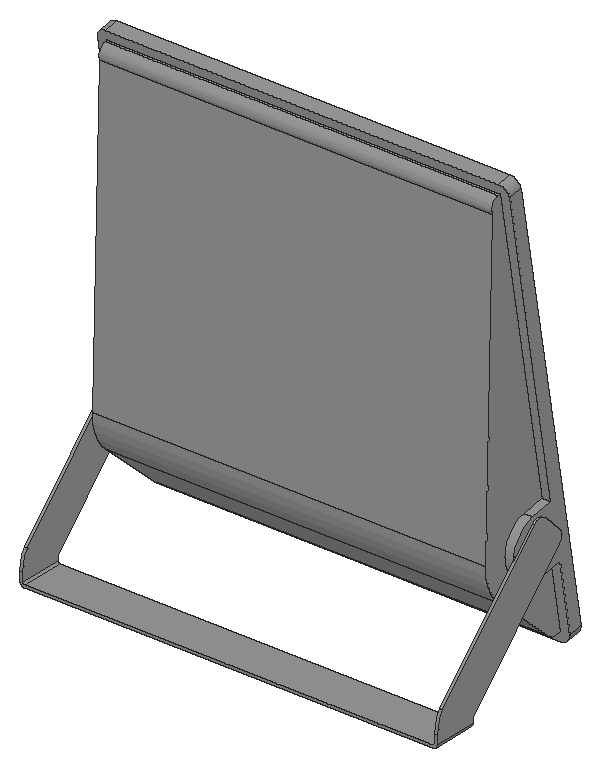
Revit family "0048532", category Lighting Fixtures, host Face, Revit 2017
Family settings
  Host = Face
  Round Connector Dimension = Use Diameter
  Part Type = Normal
  OmniClass Number = 23.80.70.00
  OmniClass Title = Lighting
  Cut with Voids When Loaded = No
  Light Source = No
  Shared = No
  Room Calculation Point = No
Parameters (values of type "0048532 START FLOOD IP66 39KLM 830 WB")
  WingRadius_SYL = 10 mm
  WingLength_SYL = if([50W_SYL], 100 mm, if([100W_SYL], 142 mm, if([150W_SYL], 142 mm, if([200W_SYL], 150 mm, 170 mm))))  # 170 mm
  WidthBracket_SYL = 45 mm
  Weight = "9.6 kg"
  Wattage Comments = ""
  WarrantyStartDate [instance] = "n/a"
  WarrantyGuarantorParts = "n/a"
  WarrantyDurationUnit = "n/a"
  WarrantyDurationParts = "n/a"
  WarrantyDescription = "n/a"
  Voltage = 0 V
  URL = "http://www.sylvania-lighting.com"
  TypeName = "Start Flood IP66 39KLM 830 WB"
  TypeHead_SYL = START Flood IP66 300W luminaire : 0048532
  Type Image = <None>
  Type Comments = "n/a"
  ThicknessBracket_SYL = 3 mm
  SerialNumber [instance] = "n/a"
  RotationAngle_SYL [instance] = -100.00°
  RadiusOutBracket_SYL = 5 mm
  RadiusInBracket_SYL = 2 mm
  Material_3_SYL = none
  PowerFactor = 0.97
  PowerConsumption = "300 W"
  NominalLength = 567 mm
  NominalHeight = 97 mm
  NominalDepth = 465 mm
  Name = "Start Flood IP66 39KLM 830 WB"
  ModelReference = Name  # "Start Flood IP66 39KLM 830 WB"
  ModelNumber = "0048532"
  Model = Name  # "Start Flood IP66 39KLM 830 WB"
  Material = "n/a"
  ManufacturerName = "Feilo Sylvania"
  Manufacturer = "Feilo Sylvania"
  LuminousEfficacy = "127 lm/W"
  LuminaireType = ""
  LightOutputRatio = "n/a"
  LengthIn_SYL = if([50W_SYL], 210 mm, if([100W_SYL], 300 mm, if([150W_SYL], 295 mm, if([200W_SYL], 360 mm, 430 mm))))  # 430 mm
  LampsType = Lamp  # "LED"
  LampNominalLuminous = "38200 lm"
  LampMacAdamStep = "4"
  LampColourTemperature = "3000 K"
  LampColourRenderingIndex = "70"
  Lamp = "LED"
  Keynote = "16500"
  InstallationDate [instance] = "n/a"
  InputVoltage = "n/a"
  InputNominalFrequency = "n/a"
  IngressProtection = "IP66"
  ImpactProtectionIndex = "IK08"
  IfcExportType = "IfcLightFixtureType"
  IfcExportAs = "IfcLightFixtureType"
  EndAngle_SYL [instance] = RotationAngle_SYL + 180.00°  # 80.00°
  ElectricShockClassification = "Class I"
  DocumentationLiterature = "http://www.sylvania-lighting.com/product/en-int/products/0048532"
  DimmingControlOptions = "n/a"
  Material_2_SYL = none
  Description = "Exterior LED Floodlight, comes complete with 1000mm flying lead and adjustable bracket, aluminium housing, clear glass diffuser, IP66, IK08, Class I, 3000K, Non-dimming, 38200lm, 300W, 127lm/W, CRI80, Symmetrical Wide beam angle (60°), 60000 hrs L70B50 lifetime, 567 x 465 x 97mm (LxWxD) dimensions, 9.6kg weight."
  Default Elevation = 1219.2 mm
  CreatedOn = "9/23/2020"
  CreatedBy = "@sylvania-lighting.com"
  Cost = 0
  built-in parameter 1114216 [instance] = (empty or 0)
  ClassificationValue = "EF_70_80"
  ClassificationName = "Uniclass2015"
  Material_1_SYL = Steel, Paint Finish, Dark Gray, Matte
  BarCode [instance] = "n/a"
  AxisOffsetWingEnd_SYL = WidthBracket_SYL / 2  # 22.5 mm
  AxisHeight_SYL = sin(45.00°) * WingLength_SYL  # 120.208 mm
  AxisDepth_SYL = cos(45.00°) * (WingLength_SYL - tan(45.00°) * AxisOffsetWingEnd_SYL - AxisOffsetWingEnd_SYL)  # 88.388 mm
  AssetType = "Fixed"
  AssetIdentifier [instance] = "n/a"
  Assembly Code = "D5020200"
  Apparent Load = 300 VA
  Material_4_SYL = none
  50W_SYL = no
  200W_SYL = no
  150W_SYL = no
  100W_SYL = no
Reference planes
  plane 1 "Center (Front/Back)": y = 0
  plane 2: z = 0
  plane 3 "Center (Left/Right)": x = 0
  plane 4: x = 218
  plane 5: x = -218
  plane 6: x = 215
  plane 7: x = -215
  plane 8: z = 10
  plane 9: y = 22.5
  plane 10: y = -22.5
  plane 11: z = 3
  plane 12: z = 130.208
  plane 13: y = 110.888
Forms (mm)
  Extrusion 1, solid, material "Steel, Paint Finish, Dark Gray, Matte" <- "Material_1_SYL"
    sketch origin (0, 0, 0) x (1, 0, 0) y (0, 0, 1)
      loop
        arc (213, 0) -> (216.536, 1.464) -> (218, 5) r 5
        line (218, 5) -> (218, 10) -> (215, 10) -> (215, 5)
        arc (215, 5) -> (214.414, 3.586) -> (213, 3) r 2
        line (213, 3) -> (-213, 3)
        arc (-213, 3) -> (-214.414, 3.586) -> (-215, 5) r 2
        line (-215, 5) -> (-215, 10) -> (-218, 10) -> (-218, 5)
        arc (-218, 5) -> (-216.536, 1.464) -> (-213, 0) r 5
        line (-213, 0) -> (213, 0)
    from -22.5 to 22.5
  Extrusion 2, solid, material "Steel, Paint Finish, Dark Gray, Matte" <- "Material_1_SYL"
    sketch origin (215, -4572, 2609.058) x (0, 0, 1) y (0, -1, 0)
      loop
        line (-2599.058, -4594.5) -> (-2485.921, -4707.637)
        arc (-2485.921, -4707.637) -> (-2478.85, -4710.566) -> (-2471.779, -4707.637) r 10
        line (-2471.779, -4707.637) -> (-2454.101, -4689.959)
        arc (-2454.101, -4689.959) -> (-2451.172, -4682.888) -> (-2454.101, -4675.817) r 10
        line (-2454.101, -4675.817) -> (-2574.561, -4555.358)
        arc (-2574.561, -4555.358) -> (-2584.325, -4550.994) -> (-2594.916, -4549.5) r 38.295
        line (-2594.916, -4549.5) -> (-2599.058, -4549.5) -> (-2599.058, -4594.5)
    from 0 to 3
  Extrusion 3, solid, material "Steel, Paint Finish, Dark Gray, Matte" <- "Material_1_SYL"
    sketch origin (-218, -4572, 2609.058) x (0, 0, 1) y (0, -1, 0)
      loop
        arc (-2485.921, -4707.637) -> (-2478.85, -4710.566) -> (-2471.779, -4707.637) r 10
        line (-2471.779, -4707.637) -> (-2454.101, -4689.959)
        arc (-2454.101, -4689.959) -> (-2451.172, -4682.888) -> (-2454.101, -4675.817) r 10
        line (-2454.101, -4675.817) -> (-2574.561, -4555.358)
        arc (-2574.561, -4555.358) -> (-2584.325, -4550.994) -> (-2594.916, -4549.5) r 38.295
        line (-2594.916, -4549.5) -> (-2604.058, -4549.5) -> (-2604.058, -4594.5) -> (-2599.058, -4594.5) -> (-2485.921, -4707.637)
    from 0 to 3
  Revolve 4, solid, not visible
    sketch origin (1223.4, -4572, 130.208) x (0, -1, 0) y (1, 0, 0)
      loop
        line (-4682.888, -1223.4) -> (-4697.888, -1223.4) -> (-4697.888, -1273.4) -> (-4682.888, -1273.4) -> (-4682.888, -1223.4)
      axis (-4682.888, -1223.4) -> (-4682.888, -1273.4)
    angle from -100 <- "RotationAngle_SYL" to 80 <- "EndAngle_SYL"
Cuts and joins
  joined: Extrusion 1, Extrusion 2, Extrusion 3
Lines and regions (mm)
  reference lines
    curve 1: line (0, 22.5, 10) -> (0, 174.528, 162.028)
    curve 2: line (0, 131.244, 182.383) -> (0, -22.5, 28.64)
    curve 3: line (0, 110.888, 162.028) -> (0, 142.708, 130.208)
    curve 4: line (-218, 4.393, 23.713) -> (-218, 172.635, 191.954)
    curve 5: line (0, 94.978, 146.118) -> (0, 126.798, 114.298)
Dimensions and locks
  locked: plane 8 to plane 2 at 10
  equal spacing: plane 10, plane 1 "Center (Front/Back)", plane 9
  "WidthBracket_SYL": plane 10 to plane 9
  "WidthBracket_SYL": curve 1 to curve 2
  "ThicknessBracket_SYL": plane 11 to plane 2
  "WingLength_SYL": curve 1 to curve 3
  level to Extrusion 1 = 10 mm
  equal spacing: plane 6, plane 3 "Center (Left/Right)", plane 7
  "LengthIn_SYL": plane 6 to plane 7
  equal spacing: plane 4, plane 3 "Center (Left/Right)", plane 5
  "ThicknessBracket_SYL": plane 7 to plane 5
  equal spacing: curve 1, curve 4, curve 2
  "AxisOffsetWingEnd_SYL": curve 3 to curve 5
  "AxisHeight_SYL": plane 12 to plane 8
  "AxisDepth_SYL": plane 9 to plane 13
  "RadiusInBracket_SYL": radius of Extrusion 1 sketch curve  (x2)
  "RadiusOutBracket_SYL": radius of Extrusion 1 sketch curve  (x2)
  "WingRadius_SYL": radius of Extrusion 2 sketch curve  (x2)
  locked: plane 8 to curve 1 (angle 45.00°)
  locked: plane 8 to curve 2 (angle 45.00°)
  aligned and locked: plane 2 to host face
  aligned and locked: level to host face
  aligned and locked: plane 9 to curve 1
  aligned and locked: plane 8 to curve 1
  aligned and locked: plane 10 to curve 2
  aligned and locked: plane 5 to Extrusion 1 sketch curve
  aligned and locked: plane 8 to Extrusion 1 sketch curve  (x2)
  aligned and locked: Extrusion 1 sketch curve to plane 7
  aligned and locked: plane 11 to Extrusion 1 sketch curve
  aligned and locked: plane 6 to Extrusion 1 sketch curve
  aligned and locked: Extrusion 1 sketch curve to plane 4
  aligned and locked: Extrusion 1 to plane 9
  aligned and locked: plane 10 to Extrusion 1
  aligned and locked: Extrusion 2 sketch curve to curve 1
  aligned and locked: curve 2 to Extrusion 2 sketch curve
  aligned and locked: plane 10 to Extrusion 2 sketch curve
  aligned and locked: Extrusion 2 sketch curve to Extrusion 1
  aligned and locked: plane 4 to Extrusion 2
  aligned and locked: Extrusion 2 to plane 6
  aligned and locked: plane 7 to Extrusion 3
  aligned and locked: Extrusion 3 to plane 5
  aligned and locked: cut or joined group of Extrusion 1, Extrusion 2, Extrusion 3 to curve 5  (x2)
  aligned and locked: Revolve 4 sketch curve to plane 13  (x2)
  aligned and locked: Revolve 4 sketch curve to curve 3
  aligned and locked: curve 2 to plane 3 "Center (Left/Right)"
  aligned and locked: Extrusion 3 sketch curve to cut or joined group of Extrusion 1, Extrusion 2, Extrusion 3  (x5)
  aligned and locked: cut or joined group of Extrusion 1, Extrusion 2, Extrusion 3 to Extrusion 3 sketch curve
  aligned and locked: nested 1 to plane 3 "Center (Left/Right)"
Automatic sketch dimensions
  host sketch curve to host sketch curve = 2438.4 mm  (x2)
  curve 4 to plane 1 "Center (Front/Back)" = 4.393 mm
  curve 4 to plane 9 = 150.135 mm
  Revolve 4 sketch curve to Revolve 4 sketch curve = 15 mm
  Revolve 4 sketch curve to plane 3 "Center (Left/Right)" = 50 mm
  Revolve 4 sketch curve to plane 5 = 1316.635 mm
  plane 4 to Revolve 4 sketch curve = 1441.773 mm
  Extrusion 3 sketch curve to plane 10 = 5.858 mm
  plane 12 to Extrusion 3 sketch curve = 7.071 mm
  Extrusion 3 sketch curve to plane 12 = 7.071 mm
  Extrusion 3 sketch curve to Extrusion 3 sketch curve = 7.071 mm
  plane 13 to Extrusion 3 sketch curve = 7.071 mm
  Extrusion 1 sketch curve to Extrusion 1 sketch curve = 0 mm  (x2)
  plane 12 to Extrusion 2 sketch curve = 0 mm
  Extrusion 2 sketch curve to plane 13 = 0 mm
  Extrusion 2 sketch curve to Extrusion 2 sketch curve = 4.142 mm
  Extrusion 2 sketch curve to plane 10 = 5.858 mm
  plane 12 to Extrusion 2 sketch curve = 7.071 mm
  Extrusion 2 sketch curve to plane 12 = 7.071 mm
  plane 13 to Extrusion 2 sketch curve = 7.071 mm
  Extrusion 2 sketch curve to plane 13 = 7.071 mm
Nested families
  nested 1: "START Flood IP66 300W luminaire" at (0, 110.888, 130.208) x (-1, 0, 0) z (0, 0.9848, 0.1736), type <- "TypeHead_SYL", type "0048532"
    with built-in parameter 1114216 (empty or 0), Apparent Load 300 VA
Connectors
  electrical at (4.2, 0, 0), driven by "Voltage", driven by "Apparent Load", driven by "PowerFactor"
    settings: on host face, index 1, voltage 0 V, apparent load 300 VA, apparent load phase1 0 VA, apparent load phase2 0 VA, apparent load phase3 0 VA, power factor 0.97, load classification "Other", number of poles 1, system type 30, power factor state 1, is connector primary yes, connector utility no, sub classification motor no, connector description ""
Definition of nested family "START Flood IP66 300W luminaire"
  Parameters (values of type "0048215 Start Flood IP66 42000lm 740 ASYM")
    WidthHead_SYL = if([50W_SYL], 210 mm, if([100W_SYL], 300 mm, if([150W_SYL], 295 mm, if([200W_SYL], 360 mm, 430 mm))))  # 430 mm
    Wattage Comments = "n/a"
    Wattage = 296 W
    built-in parameter 1150110 = 1 (stored number, unit not read)
    URL = "http://www.sylvania-lighting.com"
    Type Image = (empty or 0)
    Type Comments = "n/a"
    built-in parameter 1114217 = 1 (stored number, unit not read)
    Tilt Angle = -90.00°
    built-in parameter 1150109 = 1 (stored number, unit not read)
    built-in parameter 1150134 = 12
    built-in parameter 1150113 = 1 (stored number, unit not read)
    ScreenThickness_SYL = 14.5 mm  # constant formula
    ReflectorOffset_SYL = 12 mm  # constant formula
    ReflectorOffsetIn_SYL = RadiusReflectorFront_SYL  # 35 mm
    ReflectorHeight_SYL = if([50W_SYL], 145 mm, if([100W_SYL], 165 mm, if([150W_SYL], 210 mm, if([200W_SYL], 240 mm, 290 mm))))  # 290 mm
    RadiusReflectorIn_SYL = 5 mm  # constant formula
    RadiusReflectorFront_SYL = if([50W_SYL], 30 mm, if([100W_SYL], 30 mm, if([150W_SYL], 30 mm, if([200W_SYL], 30 mm, 35 mm))))  # 35 mm
    RadiusHinge_SYL = RadiusBack_SYL / 1.8  # 30.556 mm
    RadiusBack_SYL = if([50W_SYL], 31.3 mm, if([100W_SYL], 40 mm, if([150W_SYL], 40 mm, if([200W_SYL], 50 mm, 55 mm))))  # 55 mm
    Photometric Web File = "0048215.ies"
    OffsetBack_SYL = 10 mm  # constant formula
    Material_5_SYL = none
    Material_3_SYL = none
    Model = "Start Flood IP66 42000lm 740 ASYM"
    Manufacturer = "Feilo Sylvania"
    built-in parameter 1150105 = 21381.3 (stored number, unit not read)
    Lumens = 41144 lm
    built-in parameter 1150115 = 1 (stored number, unit not read)
    built-in parameter 1150137 = (empty or 0)
    built-in parameter 1150139 = (empty or 0)
    built-in parameter 1150112 = 1 (stored number, unit not read)
    built-in parameter 1150114 = 1 (stored number, unit not read)
    Lamp = "LED"
    Keynote = "16500"
    Material_2_SYL = none
    built-in parameter 1150132 = (empty or 0)
    built-in parameter 1150102 = (empty or 0)
    built-in parameter 1150107 = 4000 (stored number, unit not read)
    built-in parameter 1150138 = (empty or 0)
    built-in parameter 1150106 = 213.81 (stored number, unit not read)
    HeightHead_SYL = if([50W_SYL], 250 mm, if([100W_SYL], 320 mm, if([150W_SYL], 367 mm, if([200W_SYL], 400 mm, 470 mm))))  # 470 mm
    Emit from Rectangle Width = WidthHead_SYL - 4 mm - ReflectorOffset_SYL * 2 - ReflectorOffsetIn_SYL * 2  # 332 mm
    Emit from Rectangle Length = ReflectorHeight_SYL - ReflectorOffsetIn_SYL * 2  # 220 mm
    Emit Shape Visible in Rendering = no
    built-in parameter 1150104 = 12.914 (stored number, unit not read)
    Dimming Lamp Color Temperature Shift = (empty or 0)
    Description = ""
    Default Elevation = 1219.2 mm
    Cost = 0
    Color Filter = 16777215
    built-in parameter 1114216 [instance] = (empty or 0)
    Material_1_SYL = none
    Chamfer_SYL = if([50W_SYL], 15 mm, if([100W_SYL], 15 mm, if([150W_SYL], 15 mm, if([200W_SYL], 15 mm, 20 mm))))  # 20 mm
    built-in parameter 1114218 = 1 (stored number, unit not read)
    AxisOffsetBottom_SYL = if([50W_SYL], 68 mm, if([100W_SYL], 80 mm, if([150W_SYL], 92.2 mm, if([200W_SYL], 99.7 mm, 117 mm))))  # 117 mm
    AxisOffsetFront_SYL = if([50W_SYL], 28.4 mm, if([100W_SYL], 33.2 mm, if([150W_SYL], 33.2 mm, if([200W_SYL], 32.9 mm, 38.3 mm))))  # 38.3 mm
    built-in parameter 1150133 = 10 (stored number, unit not read)
    Assembly Code = "D5020200"
    Apparent Load = 296 VA
    Material_4_SYL = none
    50W_SYL = no
    200W_SYL = no
    150W_SYL = no
    100W_SYL = no
  Types (2, lengths in mm): name | Photometric Web File | Model | built-in parameter 1150105 | Lumens | built-in parameter 1150106 | built-in parameter 1150104
    0048215 Start Flood IP66 42000lm 740 ASYM | "0048215.ies" | "Start Flood IP66 42000lm 740 ASYM" | 21381.3 (stored number, unit not read) | 41144 lm | 213.81 (stored number, unit not read) | 12.914 (stored number, unit not read)
    0048214 Start Flood IP66 42000lm 740 WB | "0048214.ies" | "Start Flood IP66 42000lm 740 WB" | 47398.7 (stored number, unit not read) | 42920 lm | 473.99 (stored number, unit not read) | 13.471 (stored number, unit not read)
  Reference planes
    plane 1 "Center (Front/Back)": y = 0
    plane 2: z = 0
    plane 3 "Center (Left/Right)": x = 0
    plane 4: x = 215
    plane 5: x = -215
    plane 6: y = -117
    plane 7: y = 353
    plane 8: z = 38.3
    plane 9: z = 23.8
    plane 10: y = 343
    plane 11: y = -107
    plane 12: x = -205
    plane 13: x = 205
    plane 14: x = -213
    plane 15: y = 351
    plane 16: x = 213
    plane 17: y = -115
    plane 18: y = 331
    plane 19: x = 193
    plane 20: x = -193
    plane 21: y = -95
    plane 22: z = 36.3
    plane 23: z = 13.8
    plane 24: x = -201
    plane 25: y = 339
    plane 26: x = 201
    plane 27: y = 49
    plane 28: x = -166
    plane 29: y = 84
    plane 30: x = 166
    plane 31: y = 304
    plane 32: y = 194
  Forms (mm)
    Extrusion 1, solid
      sketch origin (4.2, 0, 0) x (1, 0, 0) y (0, 1, 0)
        loop
          line (-1219.2, 1219.2) -> (-1219.2, -1219.2) -> (1219.2, -1219.2) -> (1219.2, 1219.2) -> (-1219.2, 1219.2)
      from 0 to -68.017
    Extrusion 2, solid, material <- "Material_1_SYL"
      sketch origin (0, 1219.2, 38.3) x (1, 0, 0) y (0, -1, 0)
        loop
          line (-205, 866.2) -> (205, 866.2)
          arc (205, 866.2) -> (212.071, 869.129) -> (215, 876.2) r 10
          line (215, 876.2) -> (215, 1326.2)
          arc (215, 1326.2) -> (212.071, 1333.271) -> (205, 1336.2) r 10
          line (205, 1336.2) -> (-205, 1336.2)
          arc (-205, 1336.2) -> (-212.071, 1333.271) -> (-215, 1326.2) r 10
          line (-215, 1326.2) -> (-215, 876.2)
          arc (-215, 876.2) -> (-212.071, 869.129) -> (-205, 866.2) r 10
      from 0 to 14.5
    Extrusion 3, void
      sketch origin (0, 1219.2, 38.3) x (1, 0, 0) y (0, -1, 0)
        loop
          line (-193, 868.2) -> (193, 868.2) -> (213, 888.2) -> (213, 1314.2) -> (193, 1334.2) -> (-193, 1334.2) -> (-213, 1314.2) -> (-213, 888.2) -> (-193, 868.2)
      from 0 to 2
    Blend 4, void
      base sketch origin (0, 1219.2, 36.3) x (0, -1, 0) y (1, 0, 0)
        loop
          arc (880.2, -166) -> (890.451, -190.749) -> (915.2, -201) r 35
          line (915.2, -201) -> (1135.2, -201)
          arc (1135.2, -201) -> (1159.949, -190.749) -> (1170.2, -166) r 35
          line (1170.2, -166) -> (1170.2, 166)
          arc (1170.2, 166) -> (1159.949, 190.749) -> (1135.2, 201) r 35
          line (1135.2, 201) -> (915.2, 201)
          arc (915.2, 201) -> (890.451, 190.749) -> (880.2, 166) r 35
          line (880.2, 166) -> (880.2, -166)
      top sketch origin (0, 1219.2, 36.3) x (0, -1, 0) y (1, 0, 0)
        loop
          arc (915.2, -163) -> (917.044, -165.183) -> (919.783, -166) r 5
          line (919.783, -166) -> (1130.2, -166)
          arc (1130.2, -166) -> (1133.736, -164.536) -> (1135.2, -161) r 5
          line (1135.2, -161) -> (1135.2, 161)
          arc (1135.2, 161) -> (1133.736, 164.536) -> (1130.2, 166) r 5
          line (1130.2, 166) -> (920.2, 166)
          arc (920.2, 166) -> (916.664, 164.536) -> (915.2, 161) r 5
          line (915.2, 161) -> (915.2, -163)
      from 0 to -22.5
    Extrusion 5, solid, material <- "Material_1_SYL"
      sketch origin (0, 0, 0) x (0, 1, 0) y (0, 0, 1)
        loop
          line (-107, 23.8) -> (-107, 18.572)
          arc (-107, 18.572) -> (-106.025, 14.265) -> (-103.291, 10.798) r 10
          line (-103.291, 10.798) -> (-33.861, -43.341)
          arc (-33.861, -43.341) -> (-12.595, -53.539) -> (10.987, -53.891) r 55
          line (10.987, -53.891) -> (330.006, 12.163)
          arc (330.006, 12.163) -> (338.918, 13.644) -> (343, 21.705) r 10
          line (343, 21.705) -> (343, 23.8) -> (-107, 23.8)
      from -205 to 205
    Extrusion 6, solid, material <- "Material_4_SYL"
      sketch origin (0, 1219.2, 36.3) x (1, 0, 0) y (0, -1, 0)
        loop
          line (193, 868.2) -> (213, 888.2) -> (213, 1314.2) -> (193, 1334.2) -> (-193, 1334.2) -> (-213, 1314.2) -> (-213, 888.2) -> (-193, 868.2) -> (193, 868.2)
      from -2 to 0
    Extrusion 7, solid, material <- "Material_1_SYL"
      sketch origin (0, 0, 0) x (0, 1, 0) y (0, 0, 1)
        loop
          arc (-30.556, 0) -> (0, -30.556) -> (30.556, 0) r 30.556
          line (30.556, 0) -> (30.556, 23.8) -> (-30.556, 23.8) -> (-30.556, 0)
      from -215 to 215
  Cuts and joins
    Extrusion 3, Blend 4 cuts Extrusion 2
    joined: Extrusion 2, Extrusion 5, Extrusion 7
  Lines and regions (mm)
    Split face 1
      outline origin (0, 1219.2, 38.3) x (1, 0, 0) y (0, 1, 0)
        loop
          arc (166, -1170.2) -> (190.749, -1159.949) -> (201, -1135.2) r 35
          line (201, -1135.2) -> (201, -915.2)
          arc (201, -915.2) -> (190.749, -890.451) -> (166, -880.2) r 35
          line (166, -880.2) -> (-166, -880.2)
          arc (-166, -880.2) -> (-190.749, -890.451) -> (-201, -915.2) r 35
          line (-201, -915.2) -> (-201, -1135.2)
          arc (-201, -1135.2) -> (-190.749, -1159.949) -> (-166, -1170.2) r 35
          line (-166, -1170.2) -> (166, -1170.2)
    reference lines
      curve 1: circle (0, 0, 0) r 55 normal (1, 0, 0)
      curve 2: line (-166, 339, 38.3) -> (166, 339, 38.3)
      curve 3: line (-201, 84, 38.3) -> (-201, 304, 38.3)
      curve 4: line (166, 49, 38.3) -> (-166, 49, 38.3)
      curve 5: line (201, 304, 38.3) -> (201, 84, 38.3)
      curve 6: arc (-166, 339, 38.3) -> (-190.749, 328.749, 38.3) -> (-201, 304, 38.3) r 35
      curve 7: arc (166, 339, 38.3) -> (190.749, 328.749, 38.3) -> (201, 304, 38.3) r 35
      curve 8: arc (-201, 84, 38.3) -> (-190.749, 59.251, 38.3) -> (-166, 49, 38.3) r 35
      curve 9: arc (166, 49, 38.3) -> (190.749, 59.251, 38.3) -> (201, 84, 38.3) r 35
      curve 10: line (-163, 304, 38.3) -> (161, 304, 38.3)
      curve 11: line (-166, 89, 38.3) -> (-166, 299.417, 38.3)
      curve 12: line (161, 84, 38.3) -> (-161, 84, 38.3)
      curve 13: line (166, 299, 38.3) -> (166, 89, 38.3)
      curve 14: arc (-163, 304, 38.3) -> (-165.183, 302.156, 38.3) -> (-166, 299.417, 38.3) r 5
      curve 15: arc (-161, 84, 38.3) -> (-164.536, 85.464, 38.3) -> (-166, 89, 38.3) r 5
      curve 16: arc (166, 89, 38.3) -> (164.536, 85.464, 38.3) -> (161, 84, 38.3) r 5
      curve 17: arc (161, 304, 38.3) -> (164.536, 302.536, 38.3) -> (166, 299, 38.3) r 5
      curve 18: circle (0, 0, 0) r 30.556 normal (1, 0, 0)
  Dimensions and locks
    equal spacing: plane 4, plane 3 "Center (Left/Right)", plane 5
    "WidthHead_SYL": plane 4 to plane 5
    "AxisOffsetBottom_SYL": plane 6 to plane 1 "Center (Front/Back)"
    "HeightHead_SYL": plane 6 to plane 7
    "AxisOffsetFront_SYL": plane 8 to plane 2
    "ScreenThickness_SYL": plane 9 to plane 8
    equal spacing: plane 12, plane 3 "Center (Left/Right)", plane 13
    "OffsetBack_SYL": plane 5 to plane 12
    "OffsetBack_SYL": plane 10 to plane 7
    "OffsetBack_SYL": plane 6 to plane 11
    locked: plane 6 to plane 17 at 2
    locked: plane 16 to plane 4 at 2
    locked: plane 5 to plane 14 at 2
    locked: plane 15 to plane 7 at 2
    "Chamfer_SYL": plane 19 to plane 16
    "Chamfer_SYL": plane 14 to plane 20
    "Chamfer_SYL": plane 18 to plane 15
    locked: plane 22 to plane 8 at 2
    "Chamfer_SYL": plane 17 to plane 21
    locked: plane 23 to plane 9 at 10
    equal spacing: plane 24, plane 3 "Center (Left/Right)", plane 26
    "ReflectorOffset_SYL": plane 25 to plane 15
    "ReflectorHeight_SYL": plane 27 to plane 25
    "ReflectorOffset_SYL": plane 14 to plane 24
    "ReflectorOffsetIn_SYL": plane 31 to plane 25
    "ReflectorOffsetIn_SYL": plane 24 to plane 28
    "ReflectorOffsetIn_SYL": plane 27 to plane 29
    "ReflectorOffsetIn_SYL": plane 30 to plane 26
    level to Extrusion 7 = 23.8 mm
    equal spacing: plane 29, plane 32, plane 31
    "RadiusBack_SYL": radius of curve 1
    "OffsetBack_SYL": radius of Extrusion 2 sketch curve  (x4)
    "RadiusReflectorFront_SYL": radius of curve 6
    "RadiusReflectorFront_SYL": radius of curve 8
    "RadiusReflectorFront_SYL": radius of curve 9
    "RadiusReflectorFront_SYL": radius of curve 7
    "RadiusReflectorIn_SYL": radius of curve 14
    "RadiusReflectorIn_SYL": radius of curve 15
    "RadiusReflectorIn_SYL": radius of curve 16
    "RadiusReflectorIn_SYL": radius of curve 17
    radius of Extrusion 5 sketch curve = 10 mm  (x2)
    "RadiusHinge_SYL": radius of curve 18
    aligned and locked: plane 2 to Extrusion 1
    aligned and locked: level to Extrusion 1
    aligned and locked: Extrusion 2 sketch curve to plane 7
    aligned and locked: plane 12 to Extrusion 2 sketch curve  (x2)
    aligned and locked: plane 13 to Extrusion 2 sketch curve  (x2)
    aligned and locked: plane 10 to Extrusion 2 sketch curve
    aligned and locked: plane 11 to Extrusion 2 sketch curve  (x2)
    aligned and locked: plane 9 to Extrusion 2
    aligned and locked: Extrusion 2 to plane 8
    aligned and locked: plane 20 to Extrusion 3 sketch curve
    aligned and locked: plane 18 to Extrusion 3 sketch curve
    aligned and locked: plane 14 to Extrusion 3 sketch curve
    aligned and locked: plane 17 to Extrusion 3 sketch curve
    aligned and locked: Extrusion 3 sketch curve to plane 16
    aligned and locked: plane 19 to Extrusion 3 sketch curve
    aligned and locked: plane 15 to Extrusion 3 sketch curve
    aligned and locked: plane 22 to Extrusion 3
    aligned and locked: Extrusion 3 to plane 8
    aligned and locked: curve 2 to plane 25
    aligned and locked: curve 3 to plane 24
    aligned and locked: plane 27 to curve 4
    aligned and locked: plane 26 to curve 5
    aligned and locked: curve 10 to plane 31
    aligned and locked: curve 11 to plane 28
    aligned and locked: plane 29 to curve 12
    aligned and locked: plane 30 to curve 13
    aligned and locked: Blend 4 sketch curve to curve 6
    aligned and locked: Blend 4 sketch curve to curve 8
    aligned and locked: Blend 4 sketch curve to curve 9
    aligned and locked: Blend 4 sketch curve to curve 7
    aligned and locked: Blend 4 sketch curve to curve 10
    aligned and locked: Blend 4 sketch curve to curve 17
    aligned and locked: Blend 4 sketch curve to curve 16
    aligned and locked: Blend 4 sketch curve to curve 15
    aligned and locked: Blend 4 sketch curve to curve 14
    aligned and locked: Blend 4 to plane 22
    aligned and locked: Extrusion 5 sketch curve to curve 1
    aligned and locked: Extrusion 5 to plane 12
    aligned and locked: plane 13 to Extrusion 5
    aligned and locked: plane 23 to Blend 4
    aligned and locked: Extrusion 6 sketch curve to cut or joined group of Extrusion 2, Extrusion 3, Blend 4, Extrusion 5, Extrusion 7  (x8)
    aligned and locked: plane 22 to Extrusion 6
    aligned and locked: Extrusion 6 to plane 8
    aligned and locked: Split face 1 sketch curve to cut or joined group of Extrusion 2, Extrusion 3, Blend 4, Extrusion 5, Extrusion 7  (x4)
    aligned and locked: Extrusion 7 sketch curve to curve 18
    aligned and locked: plane 9 to Extrusion 7 sketch curve  (x2)
    aligned and locked: plane 4 to Extrusion 7
    aligned and locked: Extrusion 7 to plane 5
    aligned and locked: plane 3 "Center (Left/Right)" to imposter light
    aligned and locked: plane 32 to imposter light
    aligned and locked: imposter light to plane 8
  Automatic sketch dimensions
    Extrusion 1 sketch curve to Extrusion 1 sketch curve = 2438.4 mm  (x2)
    Extrusion 3 sketch curve to plane 20 = 0 mm
    Extrusion 3 sketch curve to plane 19 = 0 mm
    plane 21 to Extrusion 3 sketch curve = 0 mm  (x2)
    plane 18 to Extrusion 3 sketch curve = 0 mm
    plane 28 to curve 10 = 3 mm
    plane 23 to Extrusion 5 sketch curve = 3.002 mm
    plane 18 to Extrusion 5 sketch curve = 0.994 mm
    Extrusion 5 sketch curve to plane 11 = 0 mm
    Extrusion 5 sketch curve to plane 10 = 0 mm
    plane 9 to Extrusion 5 sketch curve = 0 mm
    Extrusion 5 sketch curve to plane 11 = 3.709 mm
    plane 1 "Center (Front/Back)" to Extrusion 5 sketch curve = 33.861 mm
    Extrusion 5 sketch curve to plane 1 "Center (Front/Back)" = 10.987 mm
    plane 23 to Extrusion 5 sketch curve = 1.637 mm
    curve 1 to curve 18 = 0 mm  (x2)
    curve 18 to level = 0 mm
    curve 18 to plane 1 "Center (Front/Back)" = 0 mm
    Extrusion 7 sketch curve to level = 0 mm
